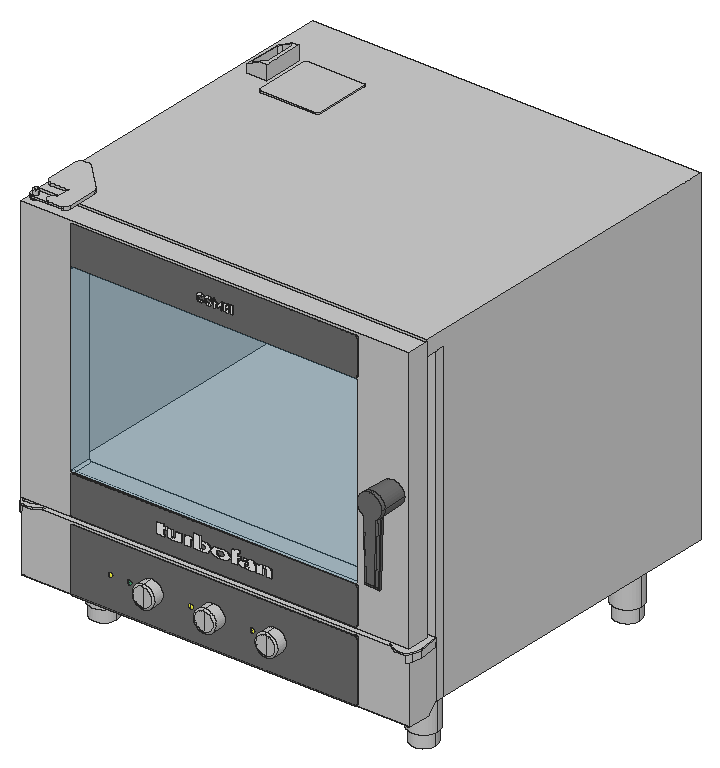
Revit family "QF_Moffat_ICEM051E--", category Specialty Equipment, Revit 2019
Family settings
  Round Connector Dimension = Use Diameter
  Part Type = Normal
  OmniClass Number = 23.40.40.14.17.11
  OmniClass Title = Cookers, Ovens, Stoves
  Work Plane-Based = No
  Always vertical = Yes
  Cut with Voids When Loaded = No
  Shared = No
  Room Calculation Point = No
Parameters (values of type "ICEM051E")
  Weight in Pounds = 163
  Watts = 7250 W
  Waste Water Discharge Temperature [instance] = 0 °C
  Volts = 400 V
  URL Cutsheet = "www.moffat.com"
  URL = "www.moffat.com"
  Status [instance] = ""
  Specification by User [instance] = ""
  Specification by Manufacturer = ""
  Show Logo [instance] = yes
  Show Clearance [instance] = yes
  Serial Number = ""
  Seismic Rating = ""
  SMACNA No = ""
  Revision Code [instance] = ""
  Plumbing Remarks [instance] = ""
  Plumbing Connection Type [instance] = ""
  Phase = 3
  NAFEM Spec ID Number = ""
  Model = "ICEM051E"
  Min Ckt Ampacity = 0 A
  Max Overcurrent Protection = 0 A
  Masterspec = ""
  Manufacturer = "MOFFAT"
  Item Number [instance] = ""
  Installed By [instance] = ""
  Indirect Waste Size = 1 1/2"
  Indirect Waste Flow = 0.0 L/s
  Indirect Waste Connection Type [instance] = ""
  Indirect Waste Connection Height [instance] = 94 mm
  Identify Quantity as Lot [instance] = no
  HP = "9.722395000000"
  Furnished By [instance] = ""
  Foodservice Equipment Identifier [instance] = yes
  Filtered Water Supply Size = 3/4"
  Filtered Water RI Height [instance] = 119 mm
  Filtered Water Flow [instance] = 0.0 L/s
  Filtered Water Connection Height [instance] = 119 mm
  FL Amps = 11 A
  Electrical Remarks [instance] = ""
  Electric Connection Type [instance] = ""
  Elec Conn RI Height [instance] = 0 mm
  Elec Conn Connection Height [instance] = 119 mm
  Description = "ELECTRIC DIRECT STEAM COMBI OVEN - 5 X 1/1 GN - 5 X 600 X 400 ● ELECTROMECHANICAL CONTROLS"
  Cycle = 50 Hz
  Conn Plug = ""
  Conn Conduit [instance] = no
  Cold Water Temperature Recommended = 0 °C
  Cold Water Size = 3/4"
  Cold Water Minimum Pressure = 20000.0 Pa
  Cold Water Maximum Pressure = 50000.0 Pa
  Cold Water Flow [instance] = 0.0 L/s
  Cold Water Consumption [instance] = 0.0 L/s
  Cold Water Connection Height [instance] = 119 mm
  CSI MasterFormat = ""
  Assembly Code = "E1090320"
  Apparent Power = 7250 VA
Reference planes
  plane 1 "Back": y = 0
  plane 2: z = 0
  plane 3 "Left": x = 0
  plane 4 "Right": x = 776.5
  plane 5 "Front": y = -729
  plane 6 "Top": z = 777
Forms (mm)
  Extrusion 1, solid
    sketch origin (-1.5, -729, 61) x (-1, 0, 0) y (0, 0, 1)
      loop
        arc (-670.5, 631) -> (-674.036, 629.536) -> (-675.5, 626) r 5
        line (-675.5, 626) -> (-675.5, 266)
        arc (-675.5, 266) -> (-674.036, 262.464) -> (-670.5, 261) r 5
        line (-670.5, 261) -> (-106.5, 261)
        arc (-106.5, 261) -> (-102.964, 262.464) -> (-101.5, 266) r 5
        line (-101.5, 266) -> (-101.5, 626)
        arc (-101.5, 626) -> (-102.964, 629.536) -> (-106.5, 631) r 5
        line (-106.5, 631) -> (-670.5, 631)
    from 0 to 7
  Extrusion 2, solid
    sketch origin (0, -734, 62) x (-1, 0, 0) y (0, 0, 1)
      loop
        line (0, 711) -> (-776.5, 711) -> (-776.5, 181) -> (0, 181) -> (0, 711)
      loop
        line (-105, 630) -> (-669, 630)
        arc (-669, 630) -> (-672.536, 628.536) -> (-674, 625) r 5
        line (-674, 625) -> (-674, 265)
        arc (-674, 265) -> (-672.536, 261.464) -> (-669, 260) r 5
        line (-669, 260) -> (-105, 260)
        arc (-105, 260) -> (-101.464, 261.464) -> (-100, 265) r 5
        line (-100, 265) -> (-100, 625)
        arc (-100, 625) -> (-101.464, 628.536) -> (-105, 630) r 5
    from 5 to 50
  Extrusion 3, void
    sketch origin (0, -770, 62) x (-1, 0, 0) y (0, 0, 1)
      loop
        line (-726.5, 665) -> (-726.5, 231) -> (-50, 231) -> (-50, 665) -> (-726.5, 665)
    from 73.5 to 660
  Extrusion 4, solid
    sketch origin (-8, 64, 226.75) x (0, 1, 0) y (0, 0, 1)
      loop
        arc (-748, 20) -> (-749.464, 16.464) -> (-753, 15) r 5
        line (-753, 15) -> (-753, 10)
        arc (-753, 10) -> (-745.929, 12.929) -> (-743, 20) r 10
        line (-743, 20) -> (-743, 47.5) -> (-748, 47.5) -> (-748, 20)
    from 18.5 to 58.5
  Extrusion 5, solid
    sketch origin (-8, 64, 226.75) x (1, 0, 0) y (0, 1, 0)
      loop
        line (8, -763.5) -> (8, -785.458)
        arc (8, -785.458) -> (10.035, -789.942) -> (14.75, -791.36) r 5.955
        arc (14.75, -791.36) -> (37.705, -785.436) -> (55.645, -769.937) r 52.003
        arc (55.645, -769.937) -> (57.768, -765.771) -> (58.5, -761.152) r 14.947
        line (58.5, -761.152) -> (58.5, -753) -> (18.5, -753) -> (18.5, -757.5)
        arc (18.5, -757.5) -> (17.621, -759.621) -> (15.5, -760.5) r 3
        line (15.5, -760.5) -> (11, -760.5)
        arc (11, -760.5) -> (8.879, -761.379) -> (8, -763.5) r 3
    from 10 to 15
  Extrusion 6, solid
    sketch origin (0, 0, 0) x (0, 1, 0) y (0, 0, 1)
      loop
        line (0, 119.02) -> (0, 777) -> (-684, 777) -> (-684, 747) -> (-644, 747) -> (-644, 119.02) -> (0, 119.02)
    from 0 to 776.5
  Extrusion 7, solid
    sketch origin (-8, 0, 3) x (1, 0, 0) y (0, 1, 0)
      loop
        circle (19, -719.093) r 5
    from 232.5 to 240
  Extrusion 8, solid
    sketch origin (5, 0, 0) x (1, 0, 0) y (0, 1, 0)
      loop
        arc (5, -581.05) -> (-2.071, -583.979) -> (-5, -591.05) r 10
        line (-5, -591.05) -> (-5, -656.05)
        arc (-5, -656.05) -> (-2.071, -663.121) -> (5, -666.05) r 10
        line (5, -666.05) -> (40, -666.05) -> (40, -695.05)
        arc (40, -695.05) -> (30, -705.05) -> (40, -715.05) r 10
        line (40, -715.05) -> (65, -715.05)
        arc (65, -715.05) -> (67.236, -714.797) -> (69.359, -714.05) r 10
        arc (69.359, -714.05) -> (73.473, -710.361) -> (75, -705.05) r 10
        line (75, -705.05) -> (75, -644.192)
        arc (75, -644.192) -> (74.239, -640.365) -> (72.071, -637.121) r 10
        line (72.071, -637.121) -> (18.929, -583.979)
        arc (18.929, -583.979) -> (15.685, -581.811) -> (11.858, -581.05) r 10
        line (11.858, -581.05) -> (5, -581.05)
    from 777 to 782
  Extrusion 9, solid
    sketch origin (0, 0, 0) x (0, 1, 0) y (0, 0, 1)
      loop
        line (0, 402.121) -> (50, 402.121) -> (50, 695.487) -> (0, 745.487) -> (0, 402.121)
    from 66.5 to 216.5
  Revolve 10, solid
    sketch origin (-5, -605.284, 0) x (1, 0, 0) y (0, 0, 1)
      loop
        line (46.862, 0) -> (72, 0) -> (72, 119.02) -> (43, 119.02) -> (43, 26.5) -> (46.862, 26.5) -> (46.862, 0)
      axis (72, 0) -> (72, 119.02)
    angle from 0 to 360
  Extrusion 11, solid
    sketch origin (26.25, 0, 777) x (1, 0, 0) y (0, 1, 0)
      loop
        line (164.05, -109.8) -> (54.05, -109.8)
        arc (54.05, -109.8) -> (50.514, -111.264) -> (49.05, -114.8) r 5
        line (49.05, -114.8) -> (49.05, -224.8)
        arc (49.05, -224.8) -> (50.514, -228.336) -> (54.05, -229.8) r 5
        line (54.05, -229.8) -> (164.05, -229.8)
        arc (164.05, -229.8) -> (167.586, -228.336) -> (169.05, -224.8) r 5
        line (169.05, -224.8) -> (169.05, -114.8)
        arc (169.05, -114.8) -> (167.586, -111.264) -> (164.05, -109.8) r 5
    from 0 to 2
  Extrusion 12, solid
    sketch origin (-2.75, 0, 777) x (1, 0, 0) y (0, 1, 0)
      loop
        line (26.25, -114.484) -> (26.25, -194.484) -> (66.25, -194.484) -> (66.25, -114.484) -> (26.25, -114.484)
      loop
        line (56.104, -119.484) -> (36.739, -119.484) -> (31.956, -124.484) -> (31.956, -184.484) -> (36.739, -189.484) -> (56.104, -189.484) -> (60.887, -184.484) -> (60.887, -124.484) -> (56.104, -119.484)
    from 0 to 30
  Extrusion 13, void
    sketch origin (0, 0, 0) x (1, 0, 0) y (0, 0, 1)
      loop
        line (11.25, 787) -> (23.5, 787) -> (23.5, 791.9) -> (51.111, 805.706) -> (71.25, 805.706) -> (71.25, 822) -> (11.25, 822) -> (11.25, 787)
    from 110 to 205.852
  Extrusion 14, solid
    sketch origin (-3, 0, 109) x (1, 0, 0) y (0, 1, 0)
      loop
        circle (480.5, -40) r 10
    from 0 to 10.02
  Extrusion 15, solid
    sketch origin (0, 0, 0) x (1, 0, 0) y (0, 0, 1)
      loop
        line (96, 119.02) -> (96, 68) -> (554.5, 68) -> (554.5, 119.02) -> (553.5, 119.02) -> (553.5, 69.6) -> (97, 69.6) -> (97, 119.02) -> (96, 119.02)
    from 54.615 to 0.871
  Sweep 16, solid
    path origin (388.257, -0.7, 18.041) x (0, 1, 0) y (0, 0, 1)
      loop
        line (22.676, 76) -> (-84, 76) -> (-136.6, 80.825) -> (-267.884, 129.449)
    profile origin (388.257, -31.362, 94.041) x (0, 0, -1) y (1, 0, 0)
      loop
        circle (0, 0) r 20
  Extrusion 17, solid, visible <- "Show Clearance", detail levels coarse
    sketch origin (0, 0, 0) x (1, 0, 0) y (0, 1, 0)
      loop
        line (776.5, -729) -> (0, -729) -> (0, -1505.5)
        arc (0, -1505.5) -> (549.068, -1278.068) -> (776.5, -729) r 776.5
    from 243 to 773
  Extrusion 18, solid, visible <- "Show Clearance", detail levels coarse
    sketch origin (0, 0, 0) x (1, 0, 0) y (0, 1, 0)
      loop
        line (0, -729) -> (0, 0) -> (776.5, 0) -> (776.5, 65) -> (-500, 65) -> (-500, -729) -> (0, -729)
    from 0 to 777
  Extrusion 19, solid
    sketch origin (0, -728, 0) x (1, 0, 0) y (0, 0, 1)
      loop
        arc (674, 317) -> (672.536, 320.536) -> (669, 322) r 5
        line (669, 322) -> (105, 322)
        arc (105, 322) -> (101.464, 320.536) -> (100, 317) r 5
        line (100, 317) -> (100, 250)
        arc (100, 250) -> (101.464, 246.464) -> (105, 245) r 5
        line (105, 245) -> (669, 245)
        arc (669, 245) -> (672.536, 246.464) -> (674, 250) r 5
        line (674, 250) -> (674, 317)
      loop
        arc (674, 224.522) -> (672.536, 228.058) -> (669, 229.522) r 5
        line (669, 229.522) -> (105, 229.522)
        arc (105, 229.522) -> (101.464, 228.058) -> (100, 224.522) r 5
        line (100, 224.522) -> (100, 108.522)
        arc (100, 108.522) -> (101.464, 104.987) -> (105, 103.522) r 5
        line (105, 103.522) -> (669, 103.522)
        arc (669, 103.522) -> (672.536, 104.987) -> (674, 108.522) r 5
        line (674, 108.522) -> (674, 224.522)
      loop
        arc (674, 764) -> (672.536, 767.536) -> (669, 769) r 5
        line (669, 769) -> (105, 769)
        arc (105, 769) -> (101.464, 767.536) -> (100, 764) r 5
        line (100, 764) -> (100, 697)
        arc (100, 697) -> (101.464, 693.464) -> (105, 692) r 5
        line (105, 692) -> (669, 692)
        arc (669, 692) -> (672.536, 693.464) -> (674, 697) r 5
        line (674, 697) -> (674, 764)
    from 0 to 2
  Revolve 20, solid
    sketch origin (635, -605.284, 0) x (1, 0, 0) y (0, 0, 1)
      loop
        line (46.862, 0) -> (72, 0) -> (72, 119) -> (43, 119) -> (43, 26.5) -> (46.862, 26.5) -> (46.862, 0)
      axis (72, 0) -> (72, 119)
    angle from 0 to 360
  Revolve 21, solid
    sketch origin (264, -0.02, 28.5) x (0, 1, 0) y (0, 0, 1)
      loop
        line (-754.935, 138.022) -> (-730.98, 138.022) -> (-730.98, 160.022) -> (-751.935, 160.022)
        arc (-751.935, 160.022) -> (-754.056, 159.144) -> (-754.935, 157.022) r 3
        line (-754.935, 157.022) -> (-754.935, 138.022)
      axis (-730.98, 138.022) -> (-754.935, 138.022)
    angle from 0 to 360
  Extrusion 22, solid
    sketch origin (0, -2.2, 28.5) x (1, 0, 0) y (0, 0, 1)
      loop
        circle (387, 138.022) r 3
      loop
        circle (510, 138.022) r 3
      loop
        circle (264, 138.022) r 3
    from 726.8 to 728.8
  Revolve 23, solid
    sketch origin (386.984, -0.02, 28.5) x (0, 1, 0) y (0, 0, 1)
      loop
        line (-754.935, 138.022) -> (-730.98, 138.022) -> (-730.98, 160.022) -> (-751.935, 160.022)
        arc (-751.935, 160.022) -> (-754.056, 159.144) -> (-754.935, 157.022) r 3
        line (-754.935, 157.022) -> (-754.935, 138.022)
      axis (-730.98, 138.022) -> (-754.935, 138.022)
    angle from 0 to 360
  Revolve 24, solid
    sketch origin (510.015, -0.02, 28.5) x (0, 1, 0) y (0, 0, 1)
      loop
        line (-754.935, 138.022) -> (-730.98, 138.022) -> (-730.98, 160.022) -> (-751.935, 160.022)
        arc (-751.935, 160.022) -> (-754.056, 159.144) -> (-754.935, 157.022) r 3
        line (-754.935, 157.022) -> (-754.935, 138.022)
      axis (-730.98, 138.022) -> (-754.935, 138.022)
    angle from 0 to 360
  Revolve 25, solid
    sketch origin (0.4, -705.042, 0) x (1, 0, 0) y (0, 0, 1)
      loop
        line (5.6, 774.2) -> (1.6, 774.2) -> (1.6, 772) -> (10.6, 772) -> (10.6, 789.2) -> (6.6, 789.2) -> (5.6, 788.2) -> (5.6, 774.2)
      axis (10.6, 772) -> (10.6, 789.2)
    angle from 0 to 360
  Extrusion 26, solid
    sketch origin (0, 0, 0) x (0, 1, 0) y (0, 0, 1)
      loop
        arc (-661.278, 120.156) -> (-661.167, 120.571) -> (-661.13, 121) r 2.486
        line (-661.13, 121) -> (-661.13, 231.694)
        arc (-661.13, 231.694) -> (-661.599, 232.825) -> (-662.73, 233.294) r 1.6
        line (-662.73, 233.294) -> (-728, 233.294) -> (-728, 103.42)
        arc (-728, 103.42) -> (-727.531, 102.289) -> (-726.4, 101.82) r 1.6
        line (-726.4, 101.82) -> (-680.235, 101.82)
        arc (-680.235, 101.82) -> (-679.661, 101.935) -> (-679.174, 102.26) r 1.5
        line (-679.174, 102.26) -> (-661.278, 120.156)
    from 0 to 776.5
  Extrusion 27, solid
    sketch origin (0, -0.427, 0.313) x (0, 1, 0) y (0, 0, 1)
      loop
        line (-662.006, 97.82) -> (-662.006, 118.687) -> (-677.245, 103.448) -> (-675.618, 101.82) -> (-667.006, 101.82) -> (-667.006, 99.82) -> (-678.618, 99.82) -> (-679.618, 98.82) -> (-679.618, 94.82) -> (-678.618, 93.82) -> (-666.006, 93.82)
        arc (-666.006, 93.82) -> (-663.178, 94.992) -> (-662.006, 97.82) r 4
    from 60.6 to 62.1
  Extrusion 28, solid
    sketch origin (652.8, -0.427, 0.313) x (0, 1, 0) y (0, 0, 1)
      loop
        line (-662.006, 97.82) -> (-662.006, 118.687) -> (-677.245, 103.448) -> (-675.618, 101.82) -> (-667.006, 101.82) -> (-667.006, 99.82) -> (-678.618, 99.82) -> (-679.618, 98.82) -> (-679.618, 94.82) -> (-678.618, 93.82) -> (-666.006, 93.82)
        arc (-666.006, 93.82) -> (-663.178, 94.992) -> (-662.006, 97.82) r 4
    from 60.6 to 62.1
  Extrusion 29, solid
    sketch origin (0, 0, 0) x (1, 0, 0) y (0, 1, 0)
      loop
        arc (11, -695.05) -> (1, -705.05) -> (11, -715.05) r 10
        line (11, -715.05) -> (70, -715.05) -> (70, -695.05) -> (11, -695.05)
    from 780 to 777
  Revolve 30, solid
    sketch origin (-5, -95.284, 0) x (1, 0, 0) y (0, 0, 1)
      loop
        line (46.862, 0) -> (72, 0) -> (72, 119.02) -> (43, 119.02) -> (43, 26.5) -> (46.862, 26.5) -> (46.862, 0)
      axis (72, 0) -> (72, 119.02)
    angle from 0 to 360
  Revolve 31, solid
    sketch origin (635, -95.284, 0) x (1, 0, 0) y (0, 0, 1)
      loop
        line (46.862, 0) -> (72, 0) -> (72, 119) -> (43, 119) -> (43, 26.5) -> (46.862, 26.5) -> (46.862, 0)
      axis (72, 0) -> (72, 119)
    angle from 0 to 360
  Extrusion 32, solid
    sketch origin (0, -644, 0) x (1, 0, 0) y (0, 0, 1)
      loop
        line (0, 747) -> (0, 119.02) -> (776.5, 119.02) -> (776.5, 747) -> (0, 747)
      loop
        line (50, 697) -> (50, 169.02) -> (726.5, 169.02) -> (726.5, 697) -> (50, 697)
    from 0 to 17.13
  Extrusion 33, solid
    sketch origin (0, 218.103, 0) x (1, 0, 0) y (0, 1, 0)
      loop
        line (11.387, -954.123) -> (19.679, -954.123)
        arc (19.679, -954.123) -> (23.564, -953.602) -> (27.179, -952.082) r 14.86
        line (27.179, -952.082) -> (40.701, -944.155) -> (40.701, -882.001) -> (-1.998, -882.001)
        arc (-1.998, -882.001) -> (-2.591, -882.19) -> (-2.963, -882.688) r 1.021
        arc (-2.963, -882.688) -> (-5.884, -903.957) -> (-7.5, -925.364) r 351.195
        line (-7.5, -925.364) -> (-3.257, -942.641)
        arc (-3.257, -942.641) -> (2.083, -950.91) -> (11.387, -954.123) r 15.079
    from 233.294 to 235.5
  Extrusion 34, solid
    sketch origin (0, 0, 0) x (1, 0, 0) y (0, 1, 0)
      loop
        line (-7.5, -707.261) -> (-3.257, -724.538)
        arc (-3.257, -724.538) -> (-1.235, -729.191) -> (2.217, -732.911) r 15.079
        line (2.217, -732.911) -> (2.217, -730.267)
        arc (2.217, -730.267) -> (0.019, -727.409) -> (-1.314, -724.06) r 13.079
        line (-1.314, -724.06) -> (-5.5, -707.019)
        arc (-5.5, -707.019) -> (-3.951, -686.392) -> (-1.156, -665.898) r 341.282
        line (-1.156, -665.898) -> (30, -665.898) -> (30, -663.898) -> (-1.998, -663.898)
        arc (-1.998, -663.898) -> (-2.72, -664.197) -> (-3.019, -664.919) r 1.021
        arc (-3.019, -664.919) -> (-5.902, -686.022) -> (-7.5, -707.261) r 351.195
    from 219.2 to 233.294
  Extrusion 35, solid
    sketch origin (0, 0, 0) x (1, 0, 0) y (0, 1, 0)
      loop
        line (736.5, -661.13) -> (40, -661.13) -> (40, -684) -> (736.5, -684) -> (736.5, -661.13)
    from 274.25 to 747
  Extrusion 36, solid
    sketch origin (-3, 0, 0) x (1, 0, 0) y (0, 1, 0)
      loop
        circle (600.5, -40) r 10
    from 109 to 119.02
  Extrusion 37, solid
    sketch origin (-3, 0, 0) x (1, 0, 0) y (0, 1, 0)
      loop
        circle (675.5, -40) r 10
    from 109 to 119.02
  Extrusion 38, solid
    sketch origin (776.5, 218.103, 0) x (-1, 0, 0) y (0, -1, 0)
      loop
        arc (11.387, 954.123) -> (2.083, 950.91) -> (-3.257, 942.641) r 15.079
        line (-3.257, 942.641) -> (-7.5, 925.364)
        arc (-7.5, 925.364) -> (-5.884, 903.957) -> (-2.963, 882.688) r 351.195
        arc (-2.963, 882.688) -> (-2.591, 882.19) -> (-1.998, 882.001) r 1.021
        line (-1.998, 882.001) -> (40.701, 882.001) -> (40.701, 944.155) -> (27.179, 952.082)
        arc (27.179, 952.082) -> (23.564, 953.602) -> (19.679, 954.123) r 14.86
        line (19.679, 954.123) -> (11.387, 954.123)
    from 233.294 to 235.5
  Extrusion 39, solid
    sketch origin (776.5, 0, 0) x (-1, 0, 0) y (0, -1, 0)
      loop
        arc (-7.5, 707.261) -> (-5.902, 686.022) -> (-3.019, 664.919) r 351.195
        arc (-3.019, 664.919) -> (-2.72, 664.197) -> (-1.998, 663.898) r 1.021
        line (-1.998, 663.898) -> (30, 663.898) -> (30, 665.898) -> (-1.156, 665.898)
        arc (-1.156, 665.898) -> (-3.951, 686.392) -> (-5.5, 707.019) r 341.282
        line (-5.5, 707.019) -> (-1.314, 724.06)
        arc (-1.314, 724.06) -> (0.019, 727.409) -> (2.217, 730.267) r 13.079
        line (2.217, 730.267) -> (2.217, 732.911)
        arc (2.217, 732.911) -> (-1.235, 729.191) -> (-3.257, 724.538) r 15.079
        line (-3.257, 724.538) -> (-7.5, 707.261)
    from 219.2 to 233.294
  Revolve 40, solid
    sketch origin (179.989, 0, 1.004) x (0, 1, 0) y (0, 0, 1)
      loop
        line (-730, 165.519) -> (-730, 169.522)
        arc (-730, 169.522) -> (-730.746, 167.582) -> (-731, 165.519) r 8.507
        line (-731, 165.519) -> (-730, 165.519)
      axis (-730, 165.519) -> (-731, 165.519)
    angle from 0 to 360
  Revolve 41, solid
    sketch origin (217.996, 0, 1.004) x (0, 1, 0) y (0, 0, 1)
      loop
        line (-730, 165.519) -> (-730, 169.522)
        arc (-730, 169.522) -> (-730.746, 167.582) -> (-731, 165.519) r 8.507
        line (-731, 165.519) -> (-730, 165.519)
      axis (-730, 165.519) -> (-731, 165.519)
    angle from 0 to 360
  Revolve 42, solid
    sketch origin (340.98, 0, 1.004) x (0, 1, 0) y (0, 0, 1)
      loop
        line (-730, 165.519) -> (-730, 169.522)
        arc (-730, 169.522) -> (-730.746, 167.582) -> (-731, 165.519) r 8.507
        line (-731, 165.519) -> (-730, 165.519)
      axis (-730, 165.519) -> (-731, 165.519)
    angle from 0 to 360
  Revolve 43, solid
    sketch origin (464.011, 0, 1.004) x (0, 1, 0) y (0, 0, 1)
      loop
        line (-730, 165.519) -> (-730, 169.522)
        arc (-730, 169.522) -> (-730.746, 167.582) -> (-731, 165.519) r 8.507
        line (-731, 165.519) -> (-730, 165.519)
      axis (-730, 165.519) -> (-731, 165.519)
    angle from 0 to 360
Cuts and joins
  Extrusion 3 cuts Extrusion 6
  Extrusion 13 cuts Extrusion 12
  Extrusion 3 cuts Extrusion 32
  Extrusion 3 cuts Extrusion 35
Lines and regions (mm)
  symbolic lines, style "200-EquipBorder-2D"
    curve 1: line (0, 0, 0) -> (776.5, 0, 0)
    curve 2: line (776.5, -729, 0) -> (0, -729, 0)
    curve 3: line (776.5, 0, 0) -> (776.5, -729, 0)
    curve 4: line (66.5, 50, 0) -> (216.5, 50, 0)
    curve 5: line (216.5, 50, 0) -> (216.5, 0, 0)
    curve 6: line (66.5, 50, 0) -> (66.5, 0, 0)
    curve 7: arc (241.973, -751.679, 0) -> (243.079, -754.039, 0) -> (245.502, -755, 0) r 3.536
    curve 8: line (285.972, -751.464, 0) -> (285.972, -731, 0)
    curve 9: arc (285.972, -751.464, 0) -> (284.937, -753.964, 0) -> (282.437, -755, 0) r 3.536
    curve 10: line (282.437, -755, 0) -> (245.502, -755, 0)
    curve 22: line (0, -729, 0) -> (0, 0, 0)
    curve 28: line (241.973, -731, 0) -> (241.973, -751.679, 0)
    curve 29: line (241.973, -731, 0) -> (285.972, -731, 0)
    curve 30: arc (364.956, -751.679, 0) -> (366.062, -754.039, 0) -> (368.485, -755, 0) r 3.536
    curve 31: line (408.956, -751.464, 0) -> (408.956, -731, 0)
    curve 32: arc (408.956, -751.464, 0) -> (407.92, -753.964, 0) -> (405.42, -755, 0) r 3.536
    curve 33: line (405.42, -755, 0) -> (368.485, -755, 0)
    curve 34: line (364.956, -731, 0) -> (364.956, -751.679, 0)
    curve 35: line (364.956, -731, 0) -> (408.956, -731, 0)
    curve 36: arc (487.987, -751.679, 0) -> (489.093, -754.039, 0) -> (491.516, -755, 0) r 3.536
    curve 37: line (531.987, -751.464, 0) -> (531.987, -731, 0)
    curve 38: arc (531.987, -751.464, 0) -> (530.951, -753.964, 0) -> (528.451, -755, 0) r 3.536
    curve 39: line (528.451, -755, 0) -> (491.516, -755, 0)
    curve 40: line (487.987, -731, 0) -> (487.987, -751.679, 0)
    curve 41: line (487.987, -731, 0) -> (531.987, -731, 0)
    curve 42: line (260.984, -731, 0) -> (260.984, -729, 0)
    curve 43: line (266.999, -729, 0) -> (266.999, -731, 0)
    curve 44: line (383.967, -731, 0) -> (383.967, -729, 0)
    curve 45: line (389.982, -729, 0) -> (389.982, -731, 0)
    curve 46: line (506.998, -731, 0) -> (506.998, -729, 0)
    curve 47: line (513.013, -729, 0) -> (513.013, -731, 0)
  symbolic lines, style "200-EquipInternal-2D"
    curve 11: line (75.3, -114.8, 0) -> (75.3, -224.8, 0)
    curve 12: line (63.5, -194.484, 0) -> (63.5, -114.484, 0)
    curve 13: line (23.5, -114.484, 0) -> (23.5, -194.484, 0)
    curve 14: line (63.5, -114.484, 0) -> (23.5, -114.484, 0)
    curve 15: line (23.5, -194.484, 0) -> (63.5, -194.484, 0)
    curve 16: arc (75.3, -224.8, 0) -> (76.764, -228.336, 0) -> (80.3, -229.8, 0) r 5
    curve 17: arc (190.3, -229.8, 0) -> (193.836, -228.336, 0) -> (195.3, -224.8, 0) r 5
    curve 18: line (195.3, -224.8, 0) -> (195.3, -114.8, 0)
    curve 19: line (80.3, -229.8, 0) -> (190.3, -229.8, 0)
    curve 20: arc (80.3, -109.8, 0) -> (76.764, -111.264, 0) -> (75.3, -114.8, 0) r 5
    curve 21: arc (195.3, -114.8, 0) -> (193.836, -111.264, 0) -> (190.3, -109.8, 0) r 5
    curve 27: line (80.3, -109.8, 0) -> (190.3, -109.8, 0)
    curve 48: line (0, -684, 0) -> (776.5, -684, 0)
    curve 49: line (77.071, -637.121, 0) -> (23.929, -583.979, 0)
    curve 50: arc (10, -581.05, 0) -> (2.929, -583.979, 0) -> (0, -591.05, 0) r 10
    curve 51: line (16.858, -581.05, 0) -> (10, -581.05, 0)
    curve 52: arc (23.929, -583.979, 0) -> (20.685, -581.811, 0) -> (16.858, -581.05, 0) r 10
    curve 53: line (10, -666.05, 0) -> (45, -666.05, 0)
    curve 54: arc (0, -656.05, 0) -> (2.929, -663.121, 0) -> (10, -666.05, 0) r 10
    curve 55: line (45, -666.05, 0) -> (45, -695.05, 0)
    curve 56: line (80, -705.05, 0) -> (80, -644.192, 0)
    curve 57: arc (80, -644.192, 0) -> (79.239, -640.365, 0) -> (77.071, -637.121, 0) r 10
    curve 58: arc (70, -715.05, 0) -> (77.071, -712.121, 0) -> (80, -705.05, 0) r 10
    curve 59: line (45, -715.05, 0) -> (70, -715.05, 0)
    curve 60: arc (45, -695.05, 0) -> (35, -705.05, 0) -> (45, -715.05, 0) r 10
    curve 61: line (45, -695.05, 0) -> (11, -695.05, 0)
    curve 62: arc (11, -695.05, 0) -> (1, -705.05, 0) -> (11, -715.05, 0) r 10
    curve 63: line (11, -715.05, 0) -> (45, -715.05, 0)
    curve 64: circle (11, -705.042, 0) r 5 normal (0, 0, 1)
    curve 65: circle (11, -705.042, 0) r 4 normal (0, 0, 1)
    curve 66: line (33.989, -119.484, 0) -> (53.354, -119.484, 0)
    curve 67: line (29.206, -124.484, 0) -> (33.989, -119.484, 0)
    curve 68: line (29.206, -184.484, 0) -> (29.206, -124.484, 0)
    curve 69: line (33.989, -189.484, 0) -> (29.206, -184.484, 0)
    curve 70: line (53.354, -189.484, 0) -> (33.989, -189.484, 0)
    curve 71: line (58.137, -184.484, 0) -> (53.354, -189.484, 0)
    curve 72: line (58.137, -124.484, 0) -> (58.137, -184.484, 0)
    curve 73: line (53.354, -119.484, 0) -> (58.137, -124.484, 0)
  symbolic lines, style "QF_Door-Drawer Clearances", visible <- "Show Clearance"
    curve 23: line (0, -729, 0) -> (0, -1505.5, 0)
    curve 24: arc (0, -1505.5, 0) -> (549.068, -1278.068, 0) -> (776.5, -729, 0) r 776.5
  symbolic lines, style "QF_Clearances", visible <- "Show Clearance"
    curve 25: line (-500, -729, 0) -> (-500, 65, 0)
    curve 26: line (-500, 65, 0) -> (776.5, 65, 0)
Dimensions and locks
  plane 3 "Left" to plane 4 "Right" = 776.5 mm
  plane 5 "Front" to plane 1 "Back" = 729 mm
  plane 6 "Top" to level = 777 mm
  plane 1 "Back" to plane 5 "Front" = 729 mm
  plane 4 "Right" to plane 3 "Left" = 776.5 mm
  aligned and locked: level to plane 2
Nested families
  nested 1: "Combi_Handle" at (743.75, -729, 512) x (1, 0, 0) z (0, -1, 0), type "KTM"
    with MAT_Handle none
  nested 2: "Combi_Logo_Combi" at (388.25, -729.5, 727) x (1, 0, 0) z (0, -1, 0), visible <- "Show Logo", type "KTM"
    with MAT_Handle none
  nested 3: "Combi_Logo_Turbofan" at (388.25, -729.5, 283.5) x (1, 0, 0) z (0, -1, 0), visible <- "Show Logo", type "KTM"
    with MAT_Handle none
Connectors
  electrical at (477.5, -40, 109), driven by "Apparent Power", driven by "Volts"
    settings: on Extrusion 14, index 1, voltage 400 V, apparent load 7250 VA, apparent load phase1 0 VA, apparent load phase2 0 VA, apparent load phase3 0 VA, power factor 1, load classification "Other", number of poles 1, system type 30, power factor state 1, is connector primary yes, connector utility no, sub classification motor no, connector description "Electrical connestion"
  piping at (597.5, -40, 109), diameter 19.05, driven by "Cold Water Size", driven by "Cold Water Flow"
    settings: on Extrusion 36, index 2, connector inside diameter 24", connector length 0 mm, flow factor 0, pipe flow 0.0 L/s, pressure drop 0.0 Pa, fitting loss kfactor 0, connector angle 0.00°, fixture units 0, engagement length 0 mm, angle of deflection 0.00°, flow configuration 0, flow direction 1, fitting loss method 0, system type 20, joint type 0, gender type 0, connector reference index -1, connector utility 0, adjustable connector no, is connector primary yes, connector description "Cold water inlet"
  piping at (672.5, -40, 109), diameter 19.05, driven by "Cold Water Size", driven by "Cold Water Flow"
    settings: on Extrusion 37, index 4, connector inside diameter 24", connector length 0 mm, flow factor 0, pipe flow 0.0 L/s, pressure drop 0.0 Pa, fitting loss kfactor 0, connector angle 0.00°, fixture units 0, engagement length 0 mm, angle of deflection 0.00°, flow configuration 0, flow direction 1, fitting loss method 0, system type 20, joint type 0, gender type 0, connector reference index -1, connector utility 0, adjustable connector no, is connector primary no, connector description "Cold soft water"
  piping at (388.257, 21.976, 94.041), diameter 38.1, driven by "Indirect Waste Size", driven by "Indirect Waste Flow"
    settings: on Sweep 16, index 5, connector inside diameter 24", connector length 0 mm, flow factor 0, pipe flow 0.0 L/s, pressure drop 0.0 Pa, fitting loss kfactor 0, connector angle 0.00°, fixture units 0, engagement length 0 mm, angle of deflection 0.00°, flow configuration 0, flow direction 2, fitting loss method 0, system type 16, joint type 0, gender type 0, connector reference index -1, connector utility 0, adjustable connector no, is connector primary no, connector description "Drain"
Definition of nested family "Combi_Handle"
  Parameters (values of type "KTM")
    MAT_Handle [instance] = none
    Default Elevation = 0 mm
  Reference planes
    plane 1 "Center (Front/Back)": y = 0
    plane 2: z = 0
    plane 3 "Center (Left/Right)": x = 0
    plane 4: y = -150
  Forms (mm)
    Revolve 1, solid, material <- "MAT_Handle"
      sketch origin (0, 0, 0) x (1, 0, 0) y (0, 0, 1)
        loop
          line (-23.5, 0) -> (0, 0) -> (0, 56.5) -> (-24.5, 56.5) -> (-24.5, 50) -> (-23.5, 0)
        axis (0, 0) -> (0, 56.5)
      angle from 0 to 360
    Blend 2, solid, material <- "MAT_Handle"
      base sketch origin (0, 0, 0) x (1, 0, 0) y (0, 0, 1)
        loop
          arc (-12.809, 56.5) -> (-13.773, 56.252) -> (-14.499, 55.57) r 2
          line (-14.499, 55.57) -> (-17.189, 51.324)
          arc (-17.189, 51.324) -> (-17.421, 50.811) -> (-17.5, 50.253) r 2
          line (-17.5, 50.253) -> (-17.5, 46.906)
          arc (-17.5, 46.906) -> (-15.743, 42.664) -> (-11.5, 40.906) r 6
          line (-11.5, 40.906) -> (11.5, 40.906)
          arc (11.5, 40.906) -> (15.743, 42.664) -> (17.5, 46.906) r 6
          line (17.5, 46.906) -> (17.5, 50.253)
          arc (17.5, 50.253) -> (17.421, 50.811) -> (17.189, 51.324) r 2
          line (17.189, 51.324) -> (14.499, 55.57)
          arc (14.499, 55.57) -> (13.773, 56.252) -> (12.809, 56.5) r 2
          line (12.809, 56.5) -> (-12.809, 56.5)
      top sketch origin (0, 0, 0) x (1, 0, 0) y (0, 0, 1)
        loop
          arc (-9.137, 56.5) -> (-10.101, 56.252) -> (-10.827, 55.57) r 2
          line (-10.827, 55.57) -> (-13.189, 51.841)
          arc (-13.189, 51.841) -> (-13.421, 51.328) -> (-13.5, 50.771) r 2
          line (-13.5, 50.771) -> (-13.5, 48.5)
          arc (-13.5, 48.5) -> (-11.743, 44.257) -> (-7.5, 42.5) r 6
          line (-7.5, 42.5) -> (7.5, 42.5)
          arc (7.5, 42.5) -> (11.743, 44.257) -> (13.5, 48.5) r 6
          line (13.5, 48.5) -> (13.5, 50.771)
          arc (13.5, 50.771) -> (13.421, 51.328) -> (13.189, 51.841) r 2
          line (13.189, 51.841) -> (10.827, 55.57)
          arc (10.827, 55.57) -> (10.101, 56.252) -> (9.137, 56.5) r 2
          line (9.137, 56.5) -> (-9.137, 56.5)
      from 0 to 150
    Extrusion 3, void
      sketch origin (0, 0, 0) x (0, 1, 0) y (0, 0, 1)
        loop
          line (-150, 48.5) -> (-134.679, 61.356) -> (-150, 61.356) -> (-150, 48.5)
      from -30 to 30
  Cuts and joins
    Extrusion 3 cuts Blend 2
    joined: Revolve 1, Blend 2
  Dimensions and locks
    locked: plane 4 to plane 1 "Center (Front/Back)" at 150
    aligned and locked: level to plane 2
    aligned and locked: Blend 2 to plane 4
    aligned and locked: Extrusion 3 sketch curve to plane 4
Definition of nested family "Combi_Logo_Combi"
  Parameters (values of type "KTM")
    MAT_Handle [instance] = none
    Default Elevation = 0 mm
  Reference planes
    plane 1 "Center (Front/Back)": y = 0
    plane 2: z = 0
    plane 3 "Center (Left/Right)": x = 0
  Forms (mm)
    Extrusion 1, solid, material <- "MAT_Handle"
      sketch origin (0, 0, 0) x (1, 0, 0) y (0, 1, 0)
        loop
          circle (-11.986, 0) r 8
        loop
          arc (-21.925, 5.237) -> (-35.972, 0) -> (-21.925, -5.237) r 8
          line (-21.925, -5.237) -> (-24.458, -3.044)
          arc (-24.458, -3.044) -> (-32.622, 0) -> (-24.458, 3.044) r 4.65
          line (-24.458, 3.044) -> (-21.925, 5.237)
        loop
          circle (-11.986, 0) r 4.65
        loop
          line (7.112, -0.787) -> (-1.186, 8) -> (-1.186, -8) -> (2.17, -8) -> (2.17, -0.498) -> (7.112, -5.732) -> (12.054, -0.498) -> (12.054, -8) -> (15.41, -8) -> (15.41, 8) -> (7.112, -0.787)
        loop
          arc (25.183, -8) -> (28.614, -6.579) -> (30.036, -3.147) r 4.853
          arc (30.036, -3.147) -> (29.215, -0.733) -> (27.093, 0.68) r 3.961
          arc (27.093, 0.68) -> (28.677, 1.43) -> (29.32, 3.059) r 2.384
          arc (29.32, 3.059) -> (27.873, 6.553) -> (24.379, 8) r 4.941
          line (24.379, 8) -> (18.583, 8) -> (18.583, -8) -> (25.183, -8)
        loop
          arc (25.183, -5.212) -> (27.248, -3.147) -> (25.183, -1.083) r 2.065
          line (25.183, -1.083) -> (21.939, -1.083) -> (21.939, -5.212) -> (25.183, -5.212)
        loop
          line (32.617, 8) -> (32.617, -8) -> (35.972, -8) -> (35.972, 8) -> (32.617, 8)
        loop
          arc (24.379, 1.246) -> (26.192, 3.059) -> (24.379, 4.872) r 1.813
          line (24.379, 4.872) -> (21.939, 4.872) -> (21.939, 1.246) -> (24.379, 1.246)
      from 0 to 1
  Dimensions and locks
    aligned and locked: level to plane 2
Definition of nested family "Combi_Logo_Turbofan"
  Parameters (values of type "KTM")
    MAT_Handle [instance] = none
    Default Elevation = 0 mm
  Reference planes
    plane 1 "Center (Front/Back)": y = 0
    plane 2: z = 0
    plane 3 "Center (Left/Right)": x = 0
  Forms (mm)
    Extrusion 1, solid, material <- "MAT_Handle"
      sketch origin (0, 0, 0) x (1, 0, 0) y (0, 1, 0)
        loop
          line (-84.466, -3.334) -> (-84.466, 7.583) -> (-93.685, 7.583) -> (-93.685, -5.149)
          arc (-93.685, -5.149) -> (-92.935, -7.494) -> (-90.965, -8.971) r 4.045
          arc (-90.965, -8.971) -> (-82.419, -10.77) -> (-73.696, -10.378) r 34.694
          line (-73.696, -10.378) -> (-64.589, -8.806) -> (-64.589, 7.583) -> (-76.526, 7.583) -> (-76.526, -5.61) -> (-80.945, -6.329)
          arc (-80.945, -6.329) -> (-83.397, -5.645) -> (-84.466, -3.334) r 3.034
        loop
          line (-45.406, 3.753) -> (-42.901, 3.552) -> (-42.901, 8.399)
          arc (-42.901, 8.399) -> (-51.379, 8.286) -> (-59.686, 6.588) r 45.105
          line (-59.686, 6.588) -> (-59.686, -10) -> (-47.59, -10) -> (-47.59, 1.737)
          arc (-47.59, 1.737) -> (-46.939, 3.223) -> (-45.406, 3.753) r 2.022
        loop
          arc (-112.147, -9.336) -> (-105.49, -10.705) -> (-98.694, -10.776) r 35.397
          line (-98.694, -10.776) -> (-98.694, -6.355) -> (-100.329, -6.11)
          arc (-100.329, -6.11) -> (-101.561, -5.429) -> (-102.051, -4.11) r 2.022
          line (-102.051, -4.11) -> (-102.051, 3.552) -> (-96.349, 3.552) -> (-96.349, 8.399) -> (-102.051, 8.399) -> (-102.051, 11.861) -> (-115, 11.861) -> (-115, -5.47)
          arc (-115, -5.47) -> (-114.209, -7.873) -> (-112.147, -9.336) r 4.045
        loop
          line (48.31, 12.224) -> (50.721, 12.224) -> (50.721, 16.312)
          arc (50.721, 16.312) -> (43.82, 16.571) -> (37.027, 15.329) r 31.679
          arc (37.027, 15.329) -> (34.94, 13.87) -> (34.139, 11.453) r 4.045
          line (34.139, 11.453) -> (34.139, -10) -> (46.287, -10) -> (46.287, 3.028) -> (53.388, 3.028) -> (53.388, 7.583) -> (46.287, 7.583) -> (46.287, 10.201)
          arc (46.287, 10.201) -> (46.879, 11.631) -> (48.31, 12.224) r 2.022
        loop
          arc (-40.679, -9.529) -> (-28.158, -11.048) -> (-15.637, -9.529) r 52.376
          arc (-15.637, -9.529) -> (-11.863, -7.77) -> (-9.039, -4.711) r 10.763
          arc (-9.039, -4.711) -> (-8.862, 3.983) -> (-16.363, 8.383) r 8.595
          line (-16.363, 8.383) -> (-25.765, 8.383) -> (-25.765, 3.784) -> (-22.398, 3.784)
          arc (-22.398, 3.784) -> (-18.585, 2.035) -> (-17.424, -1.997) r 5.03
          arc (-17.424, -1.997) -> (-18.584, -4.428) -> (-20.901, -5.802) r 4.629
          arc (-20.901, -5.802) -> (-24.719, -6.11) -> (-28.441, -5.205) r 12.061
          line (-28.441, -5.205) -> (-28.441, 16.968) -> (-40.679, 16.968) -> (-40.679, -9.529)
        loop
          arc (0.635, -8.752) -> (12.758, -10.73) -> (24.88, -8.752) r 38.131
          arc (24.88, -8.752) -> (28.396, -6.917) -> (31.17, -4.083) r 12.641
          arc (31.17, -4.083) -> (32.103, -1.157) -> (31.17, 1.77) r 5.056
          arc (31.17, 1.77) -> (28.396, 4.604) -> (24.88, 6.438) r 12.641
          arc (24.88, 6.438) -> (12.758, 8.417) -> (0.635, 6.438) r 38.131
          arc (0.635, 6.438) -> (-2.88, 4.604) -> (-5.655, 1.77) r 12.641
          arc (-5.655, 1.77) -> (-6.588, -1.157) -> (-5.655, -4.083) r 5.056
          arc (-5.655, -4.083) -> (-2.88, -6.917) -> (0.635, -8.752) r 12.641
        loop
          arc (7.132, -4.952) -> (12.758, -6.835) -> (18.384, -4.952) r 9.347
          arc (18.384, -4.952) -> (20.276, -1.157) -> (18.384, 2.639) r 4.753
          arc (18.384, 2.639) -> (12.758, 4.521) -> (7.132, 2.639) r 9.347
          arc (7.132, 2.639) -> (5.239, -1.157) -> (7.132, -4.952) r 4.753
        loop
          line (105.781, 0.917) -> (105.781, -10) -> (115, -10) -> (115, 2.731)
          arc (115, 2.731) -> (114.251, 5.077) -> (112.28, 6.553) r 4.045
          arc (112.28, 6.553) -> (103.735, 8.352) -> (95.011, 7.961) r 34.694
          line (95.011, 7.961) -> (85.904, 6.388) -> (85.904, -10) -> (97.841, -10) -> (97.841, 3.192) -> (102.26, 3.911)
          arc (102.26, 3.911) -> (104.713, 3.228) -> (105.781, 0.917) r 3.034
        loop
          line (69.408, 1.133) -> (69.408, -5.71)
          arc (69.408, -5.71) -> (65.469, -6.281) -> (61.559, -5.542) r 12.091
          arc (61.559, -5.542) -> (60.457, -4.011) -> (61.467, -2.418) r 1.684
          arc (61.467, -2.418) -> (64.105, -1.708) -> (66.836, -1.799) r 9.25
          line (66.836, -1.799) -> (66.836, 2.127)
          arc (66.836, 2.127) -> (61.505, 2.764) -> (56.169, 2.169) r 23.388
          arc (56.169, 2.169) -> (53.726, 1.406) -> (51.429, 0.281) r 16.754
          arc (51.429, 0.281) -> (49.406, -2.677) -> (50.392, -6.122) r 4.214
          arc (50.392, -6.122) -> (53.138, -8.395) -> (56.465, -9.676) r 11.066
          arc (56.465, -9.676) -> (69.274, -10.881) -> (82.032, -9.21) r 57.537
          line (82.032, -9.21) -> (82.032, 2.384)
          arc (82.032, 2.384) -> (81.106, 4.982) -> (78.947, 6.698) r 5.016
          arc (78.947, 6.698) -> (74.453, 8.016) -> (69.781, 8.345) r 21.8
          line (69.781, 8.345) -> (59.532, 7.96) -> (59.532, 3.851) -> (66.233, 4.163)
          arc (66.233, 4.163) -> (68.469, 3.328) -> (69.408, 1.133) r 3.034
      from 0 to 1
  Dimensions and locks
    aligned and locked: level to plane 2
